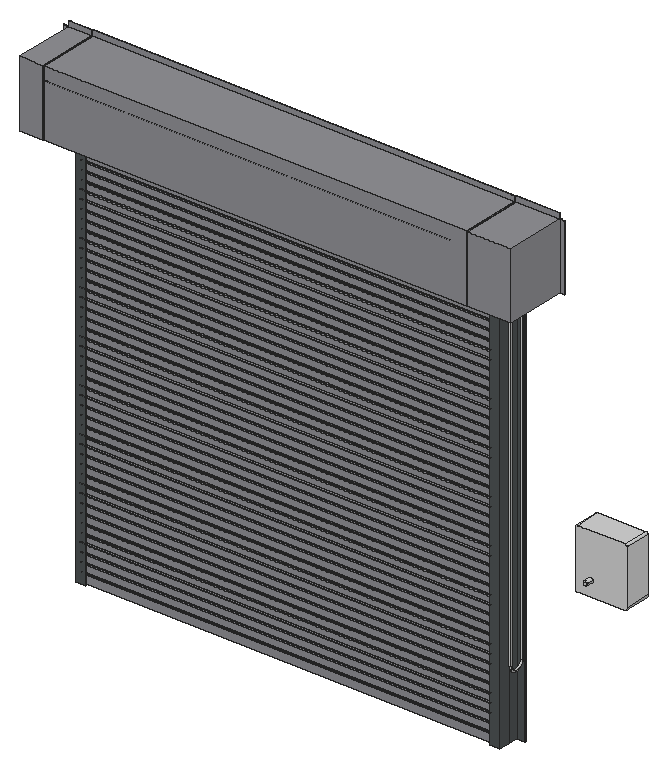
Revit family "RapidSlat-Rolling-Steel-Service-Doors_OHD_Model-626_compact", category Specialty Equipment, host Wall, Revit 2023 (continued)
Definition of nested family "Warning Sign"
  Reference planes (in)
    plane 3 "Center (Left/Right)": x = 0
    plane 4: y = 0.5
    plane 5: y = -0.5
    plane 6: y = 1
    plane 7: y = 0.25
  Lines and regions (in)
    model lines
      curve 1: line (-2.26129, 1, 45.69444) -> (-26.3817, 1, 3.91667)
      curve 2: line (-25.25106, 1, 3.26389) -> (-1.13064, 1, 45.04167)
      curve 3: arc (2.26129, 1, 45.69444) -> (0, 1, 47) -> (-2.26129, 1, 45.69444) r 2.61111
      curve 4: arc (-1.13064, 1, 45.04167) -> (0, 1, 45.69444) -> (1.13064, 1, 45.04167) r 1.30556
      curve 5: line (1.13064, 1, 45.04167) -> (25.25106, 1, 3.26389)
      curve 6: line (26.3817, 1, 3.91667) -> (2.26129, 1, 45.69444)
      curve 7: arc (25.25106, 1, 3.26389) -> (25.25106, 1, 1.95833) -> (24.12041, 1, 1.30556) r 1.30556
      curve 8: arc (24.12041, 1, 0) -> (26.3817, 1, 1.30556) -> (26.3817, 1, 3.91667) r 2.61111
      curve 9: line (24.12041, 1, 1.30556) -> (-24.12041, 1, 1.30556)
      curve 10: line (-24.12041, 1, 0) -> (24.12041, 1, 0)
      curve 11: arc (-24.12041, 1, 1.30556) -> (-25.25106, 1, 1.95833) -> (-25.25106, 1, 3.26389) r 1.30556
      curve 12: arc (-26.3817, 1, 3.91667) -> (-26.3817, 1, 1.30556) -> (-24.12041, 1, 0) r 2.61111
      curve 13: arc (-2.29479, 1, 8.63537) -> (0, 1, 6.34057) -> (2.29479, 1, 8.63537) r 2.29479
      curve 14: arc (2.29479, 1, 8.63537) -> (0, 1, 10.93016) -> (-2.29479, 1, 8.63537) r 2.29479
      curve 15: arc (-1.6331, 1, 13.97069) -> (0.03439, 1, 12.53727) -> (1.69278, 1, 13.98121) r 1.68043
      curve 16: line (-3.77413, 1, 28.37873) -> (-1.6331, 1, 13.97069)
      curve 17: line (1.69278, 1, 13.98121) -> (3.73924, 1, 28.37873)
      curve 18: arc (3.73924, 1, 28.37873) -> (-0.01745, 1, 32.13541) -> (-3.77413, 1, 28.37873) r 3.75668
      curve 19: line (-2.26129, -0.5, 45.69444) -> (-26.3817, -0.5, 3.91667)
      curve 20: line (-25.25106, -0.5, 3.26389) -> (-1.13064, -0.5, 45.04167)
      curve 21: arc (2.26129, -0.5, 45.69444) -> (0, -0.5, 47) -> (-2.26129, -0.5, 45.69444) r 2.61111
      curve 22: arc (-1.13064, -0.5, 45.04167) -> (0, -0.5, 45.69444) -> (1.13064, -0.5, 45.04167) r 1.30556
      curve 23: line (1.13064, -0.5, 45.04167) -> (25.25106, -0.5, 3.26389)
      curve 24: line (26.3817, -0.5, 3.91667) -> (2.26129, -0.5, 45.69444)
      curve 25: arc (25.25106, -0.5, 3.26389) -> (25.25106, -0.5, 1.95833) -> (24.12041, -0.5, 1.30556) r 1.30556
      curve 26: arc (24.12041, -0.5, 0) -> (26.3817, -0.5, 1.30556) -> (26.3817, -0.5, 3.91667) r 2.61111
      curve 27: line (24.12041, -0.5, 1.30556) -> (-24.12041, -0.5, 1.30556)
      curve 28: line (-24.12041, -0.5, 0) -> (24.12041, -0.5, 0)
      curve 29: arc (-24.12041, -0.5, 1.30556) -> (-25.25106, -0.5, 1.95833) -> (-25.25106, -0.5, 3.26389) r 1.30556
      curve 30: arc (-26.3817, -0.5, 3.91667) -> (-26.3817, -0.5, 1.30556) -> (-24.12041, -0.5, 0) r 2.61111
      curve 31: arc (-2.29479, -0.5, 8.63537) -> (0, -0.5, 6.34057) -> (2.29479, -0.5, 8.63537) r 2.29479
      curve 32: arc (2.29479, -0.5, 8.63537) -> (0, -0.5, 10.93016) -> (-2.29479, -0.5, 8.63537) r 2.29479
      curve 33: arc (-1.6331, -0.5, 13.97069) -> (0.03439, -0.5, 12.53727) -> (1.69278, -0.5, 13.98121) r 1.68043
      curve 34: line (-3.77413, -0.5, 28.37873) -> (-1.6331, -0.5, 13.97069)
      curve 35: line (1.69278, -0.5, 13.98121) -> (3.73924, -0.5, 28.37873)
      curve 36: arc (3.73924, -0.5, 28.37873) -> (-0.01745, -0.5, 32.13541) -> (-3.77413, -0.5, 28.37873) r 3.75668
  Dimensions and locks (in)
    locked: plane 1 "Center (Front/Back)" to plane 4 at 0.5
    equal spacing: plane 1 "Center (Front/Back)", plane 7, plane 4
    locked: plane 4 to plane 6 at 0.5
    locked: plane 5 to plane 1 "Center (Front/Back)" at 0.5
    aligned and locked: plane 2 to level
  Automatic sketch dimensions
    curve 21 to curve 22 = 0"  (x2)
    curve 25 to curve 26 = 0"  (x2)
    curve 29 to curve 30 = 0"  (x2)
    curve 31 to curve 32 = 0"  (x2)
    curve 21 to plane 3 "Center (Left/Right)" = 0"
    curve 31 to plane 3 "Center (Left/Right)" = 0"
    curve 30 to level = 0"
    level to curve 27 = 1.30556"
    curve 26 to curve 27 = 1.30556"
    curve 29 to curve 27 = 1.30556"
    curve 23 to curve 25 = 0.65278"
    curve 20 to curve 29 = 0.65278"
    curve 24 to curve 23 = 0.65278"
    curve 19 to curve 20 = 0.65278"
    level to curve 32 = 8.63537"
    curve 34 to plane 3 "Center (Left/Right)" = 1.6331"
    curve 34 to curve 31 = 5.33532"
    plane 3 "Center (Left/Right)" to curve 35 = 1.69278"
    curve 35 to curve 34 = 0.01052"
    plane 3 "Center (Left/Right)" to curve 33 = 0.02908"
    curve 36 to plane 3 "Center (Left/Right)" = 0.01745"
    curve 36 to curve 33 = 14.16104"
    curve 22 to curve 36 = 16.01016"
    plane 3 "Center (Left/Right)" to curve 23 = 1.13064"
    curve 23 to curve 21 = 0.65278"
    curve 20 to plane 3 "Center (Left/Right)" = 1.13064"
    plane 3 "Center (Left/Right)" to curve 24 = 2.26129"
    curve 24 to curve 22 = 0.65278"
    curve 19 to plane 3 "Center (Left/Right)" = 2.26129"
    curve 34 to curve 36 = 3.75668"
    curve 30 to plane 3 "Center (Left/Right)" = 24.12041"
    plane 3 "Center (Left/Right)" to curve 25 = 24.12041"
    curve 31 to curve 31 = 2.29479"
    curve 3 to curve 4 = 0"  (x2)
    curve 7 to curve 8 = 0"  (x2)
    curve 11 to curve 12 = 0"  (x2)
    curve 13 to curve 14 = 0"  (x2)
    curve 3 to plane 3 "Center (Left/Right)" = 0"
    curve 13 to plane 3 "Center (Left/Right)" = 0"
    curve 12 to level = 0"
    level to curve 9 = 1.30556"
    curve 8 to curve 9 = 1.30556"
    curve 11 to curve 9 = 1.30556"
    curve 5 to curve 7 = 0.65278"
    curve 2 to curve 11 = 0.65278"
    curve 6 to curve 5 = 0.65278"
    curve 1 to curve 2 = 0.65278"
    level to curve 14 = 8.63537"
    curve 16 to plane 3 "Center (Left/Right)" = 1.6331"
    curve 16 to curve 13 = 5.33532"
    plane 3 "Center (Left/Right)" to curve 17 = 1.69278"
    curve 17 to curve 16 = 0.01052"
    plane 3 "Center (Left/Right)" to curve 15 = 0.02908"
    curve 18 to plane 3 "Center (Left/Right)" = 0.01745"
    curve 18 to curve 15 = 14.16104"
    curve 4 to curve 18 = 16.01016"
    plane 3 "Center (Left/Right)" to curve 5 = 1.13064"
    curve 5 to curve 3 = 0.65278"
    curve 2 to plane 3 "Center (Left/Right)" = 1.13064"
    plane 3 "Center (Left/Right)" to curve 6 = 2.26129"
    curve 6 to curve 4 = 0.65278"
    curve 1 to plane 3 "Center (Left/Right)" = 2.26129"
    curve 16 to curve 18 = 3.75668"
    curve 12 to plane 3 "Center (Left/Right)" = 24.12041"
    plane 3 "Center (Left/Right)" to curve 7 = 24.12041"
    curve 13 to curve 13 = 2.29479"
Types (6): name | Voltage | Number of Poles | Apparent Load Phase 3 | Apparent Load Phase 2 | Apparent Load Phase 1
  208 volts, one phase, 60 Hz (208-240V range) | 208 V | 1 | 0 VA | 0 VA | 4160 VA
  220 volts, one phase, 60 Hz (220-240V range) | 220 V | 1 | 0 VA | 0 VA | 4400 VA
  208 volts, three phase, 60 Hz (208-240V range) | 208 V | 3 | 2401.78 VA | 2401.78 VA | 2401.78 VA
  230 volts, three phase, 60 Hz (220-240V range) | 230 V | 3 | 2655.81 VA | 2655.81 VA | 2655.81 VA
  460 volts, three phase, 60 Hz (440-480 V range) | 460 V | 3 | 5311.62 VA | 5311.62 VA | 5311.62 VA
  575 volts, three phase, 60 Hz | 575 V | 3 | 6639.53 VA | 6639.53 VA | 6639.53 VA
